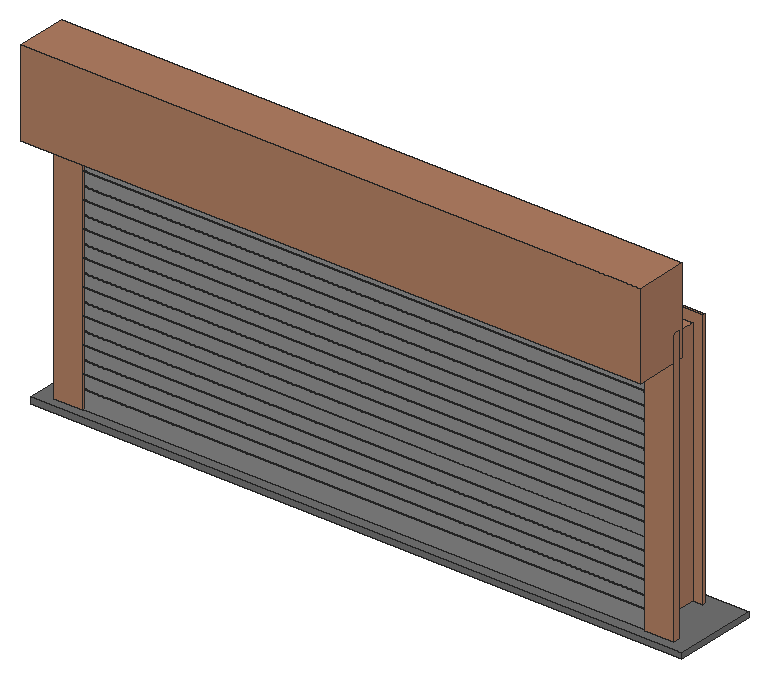
Revit family "665_Counter_Overhead_Door", category Doors, host Wall, Revit 2024
Family settings
  Host = Wall
  OmniClass Number = 23.30.10.17.27.11
  OmniClass Title = Overhead Coiling
  Always vertical = Yes
  Cut with Voids When Loaded = No
  Shared = No
  Room Calculation Point = No
Parameters (values of type "Finished Curtain with Primed Steel Hood Electric")
  Right End Cap Thickness = 0' - 2 1/2"
  Product Page URL = ""
  Panel Height = 4' - 5 1/16"
  Operator Material = Wood - Red Oak
  Operation = "[Electrical Motor - Push Button Control] [Electrical Motor - Key Operation] [Electrical Motor - Push Button w/ Key]"
  Maximum Width = "12'  0"  # constant formula
  Maximum Height = "8'  0"  # constant formula
  Left End Cap Thickness = 0' - 2 1/2"
  Hood Material = Metal - Steel - Primed
  Has End Caps = no
  Function = Interior
  Lock Type = "[Thumb Turn Locks] [Cylinder Locks]"
  Panel Width = Width  # 9' - 0"
  Panel Material = Finishes - Exterior - Gray
  Elevation From Level = 3' - 2 1/2"
  Electrical Operator = yes
  Door Track Material = Wood - Red Oak
  Door Gap From Wall Interior = 0' - 1 5/16"  # constant formula
  URL = "http://www.overheaddoor.com/"
  Thickness = 0' - 0 1/2"
  Specification = "https://www.arcat.com/company/overhead-door-corporation-34626/spec"
  SpecWizard = "https://www.arcat.com/company/overhead-door-corporation-34626/sw"
  Rough Width = Width + 0' 6 1/4"  # 9' - 6 1/4"
  Rough Height = 0' - 0"
  Product Data = "http://www.arcat.com/arcatcos/cos34/arc34626.html"
  Green Building-LEED = "https://www.arcat.com/company/overhead-door-corporation-34626/leed"
  Model = "655"
  Manufacturer = "Overhead Door Corporation"
  Keynote = "08 33 13"
  Height = Elevation From Level + Panel Height - 0' 5 1/16"  # 7' - 2 1/2"
  Wall Closure = By host
  Width = 9' - 0"
  Fire Rating = "As Specified in 08 36 00"
  Description = "Overhead Door Model 655 Overhead Coiling Steel Counter Door"
  Define Thermal Properties by = Schematic Type
  Copyright = "© 2024 ARCAT"  # constant formula
  Construction Details = "https://www.arcat.com/company/overhead-door-corporation-34626/cad"
  CAD Details = ""
  Bottom Bar = "[Primed Steel Angle with Weatherstrip] [Steel with Locking and Weatherstrip]"
  Assembly Code = "B2030410"
  Analytic Construction = "<None>"
Types (4): name | Operation | Has End Caps | Panel Material | Electrical Operator
  Finished Curtain with Primed Steel Hood Manual | "[Awning Crank Operator] [Manual - Push Up]" | yes | Finishes - Exterior - Gray | no
  Finished Curtain with Primed Steel Hood Electric | "[Electrical Motor - Push Button Control] [Electrical Motor - Key Operation] [Electrical Motor - Push Button w/ Key]" | no | Finishes - Exterior - Gray | yes
  Primed Steel Curtain with Primed Steel Hood Manual | "[Awning Crank Operator] [Manual - Push Up]" | yes | Metal - Steel - Primed | no
  Primed Steel Curtain with Primed Steel Hood Electric | "[Electrical Motor - Push Button Control] [Electrical Motor - Key Operation] [Electrical Motor - Push Button w/ Key]" | yes | Metal - Steel - Primed | yes
Reference planes (in)
  plane 1 "Center (Front/Back)": y = -33.7392
  plane 2 "Center (Left/Right)": x = 66
  plane 3: z = 0
  plane 4 "Door Face": y = -39.8017
  plane 5 "Right": x = 120
  plane 6 "Left": x = 12
  plane 7 "Closure": y = -38.4892
  plane 8: z = 0
  plane 9: y = -39.8017
  plane 10: y = -39.8017
  plane 11 "T.O. Opening": z = 86.5
  plane 12 "Countertop": z = 38.5
  plane 13: z = 91.5625
  plane 14: x = 6.375
  plane 15: x = 125.625
Forms (in)
  Extrusion 1, solid, material "Countertop"
    sketch origin (0, 0, 38.5) x (1, 0, 0) y (0, 1, 0)
      loop
        line (3.375, -42.33295) -> (128.625, -42.33295) -> (128.625, -26.33295) -> (3.375, -26.33295) -> (3.375, -42.33295)
    from -1.0625 to 0
  Sweep 2, solid, material "Wood - Red Oak"
    path in 3D
      loop
        line (12, -38.4892, 38.5) -> (12, -38.4892, 86.5) -> (120, -38.4892, 86.5) -> (120, -38.4892, 38.5)
    profile origin (66, -38.4892, 86.5) x (0, -1, 0) y (0, 0, -1)
      loop
        line (0, 0) -> (0, -1.90625) -> (0.71875, -1.90625) -> (0.71875, 0.71875) -> (-10.21875, 0.71875) -> (-10.21875, -1.90625) -> (-9.5, -1.90625) -> (-9.5, 0) -> (0, 0)
Lines and regions (in)
  Opening 1
    outline origin (-109.33485, -38.4892, 0) x (1, 0, 0) y (0, 0, 1)
      loop
        line (112.70985, 37.4375) -> (237.95985, 37.4375) -> (237.95985, 38.5) -> (229.33485, 38.5) -> (229.33485, 86.5) -> (121.33485, 86.5) -> (121.33485, 38.5) -> (112.70985, 38.5) -> (112.70985, 37.4375)
  sketch lines
    curve 1: line (12, -38.4892, 86.5) -> (120, -38.4892, 86.5)
    curve 2: line (12, -38.4892, 38.5) -> (12, -38.4892, 86.5)
    curve 3: line (120, -38.4892, 86.5) -> (120, -38.4892, 38.5)
  symbolic lines, style "Hidden Projection"
    curve 4: line (6.375, -38.4892, 0) -> (6.375, -48.4892, 0)
    curve 5: line (6.375, -48.4892, 0) -> (125.625, -48.4892, 0)
    curve 6: line (125.625, -48.4892, 0) -> (125.625, -38.4892, 0)
Text (in)
  text "Exterior" at (50.54558, 27.31104, 0), in view "A101 - Plan View"
  text "Interior" at (50.54558, -25.14366, 0), in view "A101 - Plan View"
  text "Exterior" at (0, -17.98638, 123.01588), in view "Right"
  text "Interior" at (0, -64.39139, 123.01588), in view "Right"
  text "Interior" at (0, -52.09468, 121.14095), in view "Left"
  text "Exterior" at (0, 26.35325, 123.00693), in view "Left"
Dimensions and locks (in)
  "Door Gap From Wall Interior": plane 4 "Door Face" to host wall
  equal spacing: plane 5 "Right", plane 2 "Center (Left/Right)", plane 6 "Left"
  "Width": plane 6 "Left" to plane 5 "Right"
  "Height": level to plane 11 "T.O. Opening"
  "Elevation From Level": plane 12 "Countertop" to level
  locked: plane 12 "Countertop" to Opening 1 sketch curve at 1.0625
  locked: Opening 1 sketch curve to plane 6 "Left" at 8.625
  locked: plane 5 "Right" to Opening 1 sketch curve at 8.625
  locked: Extrusion 1 to plane 7 "Closure" at 3.84375
  locked: host wall to Extrusion 1 at 2.65625
  locked: plane 13 to plane 11 "T.O. Opening" at 5.0625
  locked: plane 14 to plane 6 "Left" at 5.625
  locked: plane 5 "Right" to plane 15 at 5.625
  aligned and locked: Opening 1 sketch curve to plane 5 "Right"
  aligned and locked: plane 1 "Center (Front/Back)" to host wall
  aligned and locked: plane 7 "Closure" to host wall
  aligned and locked: plane 4 "Door Face" to plane 9
  aligned and locked: plane 4 "Door Face" to plane 10
  aligned and locked: plane 11 "T.O. Opening" to Opening 1 sketch curve
  aligned and locked: plane 7 "Closure" to nested 2
  aligned and locked: Extrusion 1 to host wall  (x3)
  aligned and locked: nested 1 to plane 4 "Door Face"
  aligned and locked: host wall to Sweep 2 sketch curve
Automatic sketch dimensions
  Opening 1 sketch curve to plane 6 "Left" = 0' - 0"
  Opening 1 sketch curve to plane 12 "Countertop" = 0' - 0"  (x2)
  plane 6 "Left" to Extrusion 1 sketch curve = 0' - 8 5/8"
  Extrusion 1 sketch curve to plane 5 "Right" = 0' - 8 5/8"
  plane 4 "Door Face" to Extrusion 1 sketch curve = 0' - 2 17/32"
  host wall to Extrusion 1 sketch curve = 0' - 2 21/32"
  Sweep 2 sketch curve to profile plane = 0' - 0"  (x2)
  Sweep 2 sketch curve to Sweep 2 sketch curve = 0' - 0 23/32"
  Sweep 2 sketch curve to profile plane = 0' - 0 23/32"
  Sweep 2 sketch curve to profile plane = 0' - 1 29/32"  (x2)
  profile plane to Sweep 2 sketch curve = 0' - 0 23/32"
  host wall to curve 6 = 0' - 0"
  host wall to curve 4 = 0' - 0"
  curve 4 to plane 14 = 0' - 0"
  curve 6 to plane 15 = 0' - 0"
  plane 4 "Door Face" to curve 6 = 0' - 8 11/16"
Nested families (in)
  nested 1: "Panel-Rolling_Countertop_651" at (66, -39.8017, 38.5), type "ByType"
  nested 2: "Rollup Case_Counter_6xx" at (37.25, -38.4892, 86.5), built-in parameter 1001360 <- "Height", type "ByType"
    with Height 4' - 5 1/16", Has End Caps no, Chain CL 0' - 8 3/16", B 1' - 4 3/8", A 0' - 10"
Definition of nested family "Panel-Rolling_Countertop_651"
  Parameters
    Width = 9' - 0"
    Track Material = none
    Panel Material = none
    Height = 4' - 5 1/16"
    Default Elevation = 0' - 0"
    Assembly Code = ""
  Reference planes (in)
    plane 1 "Center (Front/Back)": y = 0
    plane 2: z = 0
    plane 3 "Center (Left/Right)": x = 0
  Forms (in)
    Extrusion 1, solid, material <- "Panel Material"
      sketch origin (0, 0, 0) x (0, 1, 0) y (0, 0, 1)
        loop
          line (0, 0) -> (0, 3.25927) -> (-0.24264, 3.50191) -> (0, 3.74454) -> (0, 5.75927) -> (-0.24264, 6.00191) -> (0, 6.24454) -> (0, 8.25927) -> (-0.24264, 8.50191) -> (0, 8.74454) -> (0, 10.75927) -> (-0.24264, 11.00191) -> (0, 11.24454) -> (0, 13.25927) -> (-0.24264, 13.50191) -> (0, 13.74454) -> (0, 15.75927) -> (-0.24264, 16.00191) -> (0, 16.24454) -> (0, 18.25927) -> (-0.24264, 18.50191) -> (0, 18.74454) -> (0, 20.75927) -> (-0.24264, 21.00191) -> (0, 21.24454) -> (0, 23.25927) -> (-0.24264, 23.50191) -> (0, 23.74454) -> (0, 25.75927) -> (-0.24264, 26.00191) -> (0, 26.24454) -> (0, 28.25928) -> (-0.24264, 28.50191) -> (0, 28.74455) -> (0, 30.75928) -> (-0.24264, 31.00191) -> (0, 31.24455) -> (0, 33.25928) -> (-0.24264, 33.50191) -> (0, 33.74455) -> (0, 35.75928) -> (-0.24264, 36.00191) -> (0, 36.24455) -> (0, 38.25928) -> (-0.24264, 38.50191) -> (0, 38.74455) -> (0, 40.75928) -> (-0.24264, 41.00191) -> (0, 41.24455) -> (0, 43.25928) -> (-0.24264, 43.50191) -> (0, 43.74455) -> (0, 45.75928) -> (-0.24264, 46.00191) -> (0, 46.24455) -> (0, 48.25928) -> (-0.24264, 48.50191) -> (0, 48.74455) -> (0, 50.75928) -> (-0.24264, 51.00191) -> (0, 51.24455) -> (0, 53.25928) -> (-0.24264, 53.50191) -> (0, 53.74455) -> (0, 55.75928) -> (-0.24264, 56.00191) -> (0, 56.24455) -> (0, 58.25928) -> (-0.24264, 58.50191) -> (0, 58.74455) -> (0, 60.75928) -> (-0.24264, 61.00191) -> (0, 61.24455) -> (0, 63.25928) -> (-0.24264, 63.50191) -> (0, 63.74455) -> (0, 65.75928) -> (-0.24264, 66.00191) -> (0, 66.24455) -> (0, 68.25928) -> (-0.24264, 68.50191) -> (0, 68.74455) -> (0, 70.75928) -> (-0.24264, 71.00191) -> (0, 71.24455) -> (0, 73.25928) -> (-0.24264, 73.50191) -> (0, 73.74455) -> (0, 75.75928) -> (-0.24264, 76.00191) -> (0, 76.24455) -> (0, 78.25928) -> (-0.24264, 78.50191) -> (0, 78.74455) -> (0, 80.75928) -> (-0.24264, 81.00191) -> (0, 81.24455) -> (0, 83.25928) -> (-0.24264, 83.50191) -> (0, 83.74455) -> (0, 85.75928) -> (-0.24264, 86.00191) -> (0, 86.24455) -> (0, 88.25928) -> (-0.24264, 88.50191) -> (0, 88.74455) -> (0, 90.75928) -> (-0.24264, 91.00191) -> (0, 91.24455) -> (0, 93.25928) -> (-0.24264, 93.50191) -> (0, 93.74455) -> (0, 95.75928) -> (-0.24264, 96.00191) -> (0, 96.24455) -> (0, 98.25928) -> (-0.24264, 98.50192) -> (0, 98.74455) -> (0, 100.75928) -> (-0.24264, 101.00192) -> (0, 101.24455) -> (0, 103.25928) -> (-0.24264, 103.50192) -> (0, 103.74455) -> (0, 105.75928) -> (-0.24264, 106.00192) -> (0, 106.24455) -> (0, 108.25928) -> (-0.24264, 108.50192) -> (0, 108.74455) -> (0, 110.75928) -> (-0.24264, 111.00192) -> (0, 111.24455) -> (0, 113.25928) -> (-0.24264, 113.50192) -> (0, 113.74455) -> (0, 115.75928) -> (-0.24264, 116.00192) -> (0, 116.24455) -> (0, 118.25928) -> (-0.24264, 118.50192) -> (0, 118.74455) -> (0, 120.75928) -> (-0.24264, 121.00192) -> (0, 121.24455) -> (0, 123.25928) -> (-0.24264, 123.50192) -> (0, 123.74455) -> (0, 125.75928) -> (-0.24264, 126.00192) -> (0, 126.24455) -> (0, 377.30354) -> (-0.43287, 377.30354) -> (-0.43287, 126.08525) -> (-0.34953, 126.00191) -> (-0.43287, 125.91857) -> (-0.43287, 123.58525) -> (-0.34953, 123.50191) -> (-0.43287, 123.41857) -> (-0.43287, 121.08525) -> (-0.34953, 121.00191) -> (-0.43287, 120.91857) -> (-0.43287, 118.58525) -> (-0.34953, 118.50191) -> (-0.43287, 118.41857) -> (-0.43287, 116.08525) -> (-0.34953, 116.00191) -> (-0.43287, 115.91857) -> (-0.43287, 113.58525) -> (-0.34953, 113.50191) -> (-0.43287, 113.41857) -> (-0.43287, 111.08525) -> (-0.34953, 111.00191) -> (-0.43287, 110.91857) -> (-0.43287, 108.58525) -> (-0.34953, 108.50191) -> (-0.43287, 108.41857) -> (-0.43287, 106.08525) -> (-0.34953, 106.00191) -> (-0.43287, 105.91857) -> (-0.43287, 103.58525) -> (-0.34953, 103.50191) -> (-0.43287, 103.41857) -> (-0.43287, 101.08525) -> (-0.34953, 101.00191) -> (-0.43287, 100.91857) -> (-0.43287, 98.58525) -> (-0.34953, 98.50191) -> (-0.43287, 98.41857) -> (-0.43287, 96.08525) -> (-0.34953, 96.00191) -> (-0.43287, 95.91857) -> (-0.43287, 93.58525) -> (-0.34953, 93.50191) -> (-0.43287, 93.41857) -> (-0.43287, 91.08525) -> (-0.34953, 91.00191) -> (-0.43287, 90.91857) -> (-0.43287, 88.58525) -> (-0.34953, 88.50191) -> (-0.43287, 88.41857) -> (-0.43287, 86.08525) -> (-0.34953, 86.00191) -> (-0.43287, 85.91857) -> (-0.43287, 83.58525) -> (-0.34953, 83.50191) -> (-0.43287, 83.41857) -> (-0.43287, 81.08525) -> (-0.34953, 81.00191) -> (-0.43287, 80.91857) -> (-0.43287, 78.58525) -> (-0.34953, 78.50191) -> (-0.43287, 78.41857) -> (-0.43287, 76.08525) -> (-0.34953, 76.00191) -> (-0.43287, 75.91857) -> (-0.43287, 73.58525) -> (-0.34953, 73.50191) -> (-0.43287, 73.41857) -> (-0.43287, 71.08525) -> (-0.34953, 71.00191) -> (-0.43287, 70.91857) -> (-0.43287, 68.58525) -> (-0.34953, 68.50191) -> (-0.43287, 68.41857) -> (-0.43287, 66.08525) -> (-0.34953, 66.00191) -> (-0.43287, 65.91857) -> (-0.43287, 63.58525) -> (-0.34953, 63.50191) -> (-0.43287, 63.41857) -> (-0.43287, 61.08525) -> (-0.34953, 61.00191) -> (-0.43287, 60.91857) -> (-0.43287, 58.58525) -> (-0.34953, 58.50191) -> (-0.43287, 58.41857) -> (-0.43287, 56.08525) -> (-0.34953, 56.00191) -> (-0.43287, 55.91857) -> (-0.43287, 53.58525) -> (-0.34953, 53.50191) -> (-0.43287, 53.41857) -> (-0.43287, 51.08525) -> (-0.34953, 51.00191) -> (-0.43287, 50.91857) -> (-0.43287, 48.58525) -> (-0.34953, 48.50191) -> (-0.43287, 48.41857) -> (-0.43287, 46.08525) -> (-0.34953, 46.00191) -> (-0.43287, 45.91857) -> (-0.43287, 43.58525) -> (-0.34953, 43.50191) -> (-0.43287, 43.41857) -> (-0.43287, 41.08525) -> (-0.34953, 41.00191) -> (-0.43287, 40.91857) -> (-0.43287, 38.58525) -> (-0.34953, 38.50191) -> (-0.43287, 38.41857) -> (-0.43287, 36.08525) -> (-0.34953, 36.00191) -> (-0.43287, 35.91857) -> (-0.43287, 33.58525) -> (-0.34953, 33.50191) -> (-0.43287, 33.41857) -> (-0.43287, 31.08525) -> (-0.34953, 31.00191) -> (-0.43287, 30.91857) -> (-0.43287, 28.58525) -> (-0.34953, 28.50191) -> (-0.43287, 28.41857) -> (-0.43287, 26.08525) -> (-0.34953, 26.00191) -> (-0.43287, 25.91857) -> (-0.43287, 23.58525) -> (-0.34953, 23.50191) -> (-0.43287, 23.41857) -> (-0.43287, 21.08525) -> (-0.34953, 21.00191) -> (-0.43287, 20.91857) -> (-0.43287, 18.58525) -> (-0.34953, 18.50191) -> (-0.43287, 18.41857) -> (-0.43287, 16.08525) -> (-0.34953, 16.00191) -> (-0.43287, 15.91857) -> (-0.43287, 13.58525) -> (-0.34953, 13.50191) -> (-0.43287, 13.41857) -> (-0.43287, 11.08525) -> (-0.34953, 11.00191) -> (-0.43287, 10.91857) -> (-0.43287, 8.58525) -> (-0.34953, 8.50191) -> (-0.43287, 8.41857) -> (-0.43287, 6.08525) -> (-0.34953, 6.00191) -> (-0.43287, 5.91857) -> (-0.43287, 3.58525) -> (-0.34953, 3.50191) -> (-0.43287, 3.41857) -> (-0.43287, 0) -> (0, 0)
      from -54 to 54
    Extrusion 2, void
      sketch origin (0, 0, 0) x (0, 1, 0) y (0, 0, 1)
        loop
          line (1.29995, 53.0625) -> (1.29995, 396) -> (-1.53826, 396) -> (-1.53826, 53.0625) -> (1.29995, 53.0625)
      from -54 to 54
    Extrusion 3, solid, material <- "Track Material"
      sketch origin (0, 0, 0) x (1, 0, 0) y (0, 1, 0)
        loop
          line (-54, 0.49213) -> (-59.625, 0.49213) -> (-59.625, -0.6875) -> (-54, -0.6875) -> (-54, 0.49213)
        loop
          line (54, 0.49213) -> (54, -0.6875) -> (59.625, -0.6875) -> (59.625, 0.49213) -> (54, 0.49213)
      from 0 to 53.0625 <- "Height"
  Cuts and joins
    Extrusion 2 cuts Extrusion 1
  Lines and regions (in)
    reference lines
      curve 1: line (0, 34.50735, 53.0625) -> (0, -50.49265, 53.0625)
      curve 2: line (0, 38.48524, 396) -> (0, -46.51476, 396)
      curve 3: line (-54, 0, 85.14784) -> (-54, 0, 147.14784)
      curve 4: line (54, 0, 85.14784) -> (54, 0, 147.14784)
  Dimensions and locks (in)
    "Height": curve 1 to level
    equal spacing: curve 4, plane 3 "Center (Left/Right)", curve 3
    "Width": curve 4 to curve 3
    level to curve 2 = 33' - 0"
    locked: Extrusion 3 sketch curve to Extrusion 3 sketch curve at 5.625  (x2)
    Extrusion 3 sketch curve to plane 1 "Center (Front/Back)" to Extrusion 3 sketch curve = 0' - 0 11/16" locked, 0' - 0.49213" locked
    aligned and locked: curve 1 to Extrusion 2 sketch curve
    aligned and locked: curve 2 to Extrusion 2 sketch curve
    aligned and locked: Extrusion 2 to curve 3
    aligned and locked: Extrusion 2 to curve 4
    aligned and locked: curve 3 to cut or joined group of Extrusion 1, Extrusion 2
    aligned and locked: cut or joined group of Extrusion 1, Extrusion 2 to curve 4
    aligned and locked: Extrusion 3 sketch curve to Extrusion 3 sketch curve  (x2)
    aligned and locked: Extrusion 3 to curve 3
    aligned and locked: curve 4 to Extrusion 3
  Automatic sketch dimensions
    plane 1 "Center (Front/Back)" to Extrusion 2 sketch curve = 0' - 1.53826"
    Extrusion 2 sketch curve to plane 1 "Center (Front/Back)" = 0' - 1.29995"
    level to curve 4 = 7' - 1.14784"
    level to curve 3 = 7' - 1.14784"
    curve 4 to curve 4 = 5' - 2"
    curve 3 to curve 3 = 5' - 2"
    Extrusion 3 sketch curve to plane 3 "Center (Left/Right)" = 4' - 11 5/8"
    plane 3 "Center (Left/Right)" to Extrusion 3 sketch curve = 4' - 6"
    plane 1 "Center (Front/Back)" to curve 1 = 4' - 2.49265"
    curve 1 to curve 2 = 0' - 3.97789"  (x2)
    curve 1 to plane 1 "Center (Front/Back)" = 2' - 10.50735"
    Extrusion 1 sketch curve to level = 0' - 0"
    Extrusion 1 sketch curve to plane 1 "Center (Front/Back)" = 0' - 0"  (x51)
    plane 1 "Center (Front/Back)" to Extrusion 1 sketch curve = 0' - 0.24264"  (x41)
    plane 1 "Center (Front/Back)" to Extrusion 1 sketch curve = 0' - 0.24263"  (x9)
    Extrusion 1 sketch curve to Extrusion 1 sketch curve = 0' - 0.10689"  (x50)
    Extrusion 1 sketch curve to Extrusion 1 sketch curve = 0' - 0.08334"  (x101)
    Extrusion 1 sketch curve to Extrusion 1 sketch curve = 0' - 3.25927"
    Extrusion 1 sketch curve to Extrusion 1 sketch curve = 0' - 0.15929"  (x50)
    Extrusion 1 sketch curve to Extrusion 1 sketch curve = 0' - 0"  (x48)
    Extrusion 1 sketch curve to Extrusion 1 sketch curve = 0' - 2.01473"  (x38)
    Extrusion 1 sketch curve to Extrusion 1 sketch curve = 0' - 2.17402"  (x11)
    Extrusion 1 sketch curve to Extrusion 1 sketch curve = 0' - 0.08333"  (x2)
    Extrusion 1 sketch curve to Extrusion 1 sketch curve = 20' - 11.05899"
Definition of nested family "Rollup Case_Counter_6xx"
  Parameters (values of type "ByType")
    Width = 9' - 6 1/4"
    Right End Cap Thickness = 0' - 2 1/2"
    Height = 10' - 0"
    Has End Caps = yes
    End Cap Material = none
    Left End Cap Thickness = 0' - 2 1/2"
    Electric Controlled = yes
    Default Elevation = 0' - 0"
    Chain CL = B / 2  # 0' - 9 11/16"
    Case Material = none
    B = if(and(not(Width > 12' 0"), not(Height > 4' 6")), 1' 4 3/8", if(and(not(Width > 12' 0"), not(Height > 6' 4")), 1' 5 3/8", if(and(not(Width > 12' 0"), not(Height > 8' 4")), 1' 7 3/8", 1' 7 3/8")))  # 1' - 7 3/8"
    Assembly Code = ""
    A = if(and(not(Width > 12' 0"), not(Height > 4' 6")), 0' 10", if(and(not(Width > 12' 0"), not(Height > 6' 4")), 0' 11", if(and(not(Width > 12' 0"), not(Height > 8' 4")), 1' 1", 1' 1")))  # 1' - 1"
  Reference planes (in)
    plane 1 "Front": y = 0
    plane 2: z = 0
    plane 3 "Center (Left/Right)": x = 28.75
    plane 4 "Top": z = 19.375
    plane 5: y = -13
    plane 6: x = 87.125
    plane 7: x = -28.375
    plane 8: x = 85.875
    plane 9: x = 88.375
    plane 10: y = -3.3125
    plane 11: z = -120
  Forms (in)
    Extrusion 1, solid, material <- "Case Material"
      sketch origin (28.75, 0, 0) x (0, 1, 0) y (0, 0, 1)
        loop
          line (-13, 19.375) -> (-13, 0) -> (0, 0) -> (0, 19.375) -> (-13, 19.375)
      from -57.125 to 57.125
    Extrusion 2, solid, material <- "Case Material"
      sketch origin (0, 0, 0) x (1, 0, 0) y (0, 1, 0)
        loop
          line (85.875, 0) -> (85.875, -13) -> (88.375, -13) -> (88.375, 0) -> (85.875, 0)
        loop
          line (-28.375, 0) -> (-30.875, 0) -> (-30.875, -13) -> (-28.375, -13) -> (-28.375, 0)
      from 0 to 19.375 <- "B"
  Cuts and joins
    joined: Extrusion 1, Extrusion 2
  Dimensions and locks (in)
    "B": plane 4 "Top" to level
    "A": plane 5 to plane 1 "Front"
    "Left End Cap Thickness": Extrusion 2 to Extrusion 1
    equal spacing: plane 7, plane 3 "Center (Left/Right)", plane 8
    "Width": plane 7 to plane 8
    equal spacing: plane 8, plane 6, plane 9
    "Right End Cap Thickness": plane 8 to plane 9
    "Chain CL": plane 5 to plane 10
    "Height": level to plane 11
    aligned and locked: Extrusion 2 to Extrusion 1  (x2)
    aligned and locked: Extrusion 1 to plane 7
    aligned and locked: Extrusion 1 to plane 8
    aligned and locked: Extrusion 2 to plane 9
    aligned and locked: Extrusion 2 to plane 4 "Top"
  Automatic sketch dimensions
    Extrusion 2 sketch curve to plane 1 "Front" = 0' - 0"  (x2)
    Extrusion 2 sketch curve to plane 5 = 0' - 0"  (x2)
    Extrusion 2 sketch curve to plane 3 "Center (Left/Right)" = 4' - 11 5/8"
    Extrusion 2 sketch curve to Extrusion 2 sketch curve = 0' - 2 1/2"  (x2)
    plane 3 "Center (Left/Right)" to Extrusion 2 sketch curve = 4' - 9 1/8"
    Extrusion 1 sketch curve to level = 0' - 0"
    Extrusion 1 sketch curve to plane 1 "Front" = 0' - 0"
    Extrusion 1 sketch curve to plane 4 "Top" = 0' - 0"
    Extrusion 1 sketch curve to plane 5 = 0' - 0"
